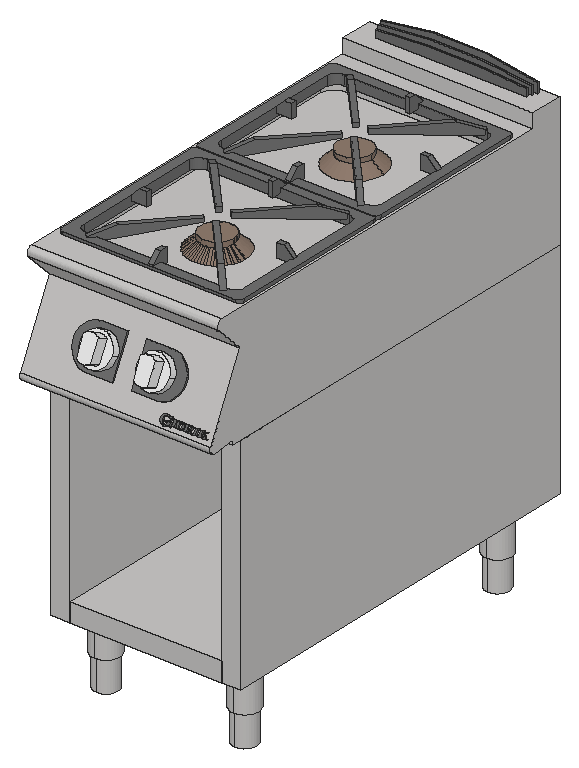
Revit family "QF_GIORIK_CG920G", category Specialty Equipment, Revit 2014
Parameters (values of type "CG920G")
  Weight in Pounds = 154.3234
  URL Cutsheet = "www.giorik.com"
  URL = "www.giorik.com"
  Status [instance] = ""
  Specification by User [instance] = ""
  Specification by Manufacturer = ""
  Show Logo [instance] = yes
  Show Clearance [instance] = yes
  Serial Number = ""
  Seismic Rating = ""
  SMACNA No = ""
  Revision Code [instance] = ""
  NAFEM Spec ID Number = ""
  Model = "CG920G"
  Mechanical Remarks [instance] = "GPL"
  Mechanical Connection Type [instance] = ""
  Masterspec = ""
  Manufacturer = "GIORIK"
  Item Number [instance] = ""
  Installed By [instance] = ""
  Identify Quantity as Lot [instance] = no
  Gas Size = 1"
  Gas RI Height [instance] = 0 mm
  Gas KW = 16
  Gas Input = 16000 W
  Gas Connection Height [instance] = 150 mm
  Furnished By [instance] = ""
  Foodservice Equipment Identifier [instance] = yes
  Description = "2 BURNER GAS RANGE ON OPEN BASE UNIT"
  CSI MasterFormat = ""
  Assembly Code = "E1090320"
Reference planes
  plane 1 "Back": y = 0
  plane 2: z = 0
  plane 3 "Left": x = 0
  plane 4 "Right": x = 400
  plane 5 "Front": y = -920
  plane 6 "Top": z = 899.988
Forms (mm)
  Extrusion 1, solid
    sketch origin (-94, 0, -10.001) x (1, 0, 0) y (0, 0, 1)
      loop
        line (135, 909.989) -> (453, 909.989) -> (453, 925.527) -> (347.056, 931.749) -> (240.944, 931.749) -> (135, 925.527) -> (135, 909.989)
    from 32 to 35
  Extrusion 2, solid
    sketch origin (-92, 10, -10.001) x (1, 0, 0) y (0, 0, 1)
      loop
        line (454, 909.989) -> (454, 928.527) -> (346.162, 939.193) -> (237.838, 939.193) -> (130, 928.527) -> (130, 909.989) -> (454, 909.989)
    from 32 to 35
  Extrusion 3, solid
    sketch origin (-90, 20, -10.001) x (1, 0, 0) y (0, 0, 1)
      loop
        line (455, 909.989) -> (455, 930.527) -> (345.396, 947.413) -> (234.604, 947.413) -> (125, 930.527) -> (125, 909.989) -> (455, 909.989)
    from 32 to 35
  Extrusion 4, void
    sketch origin (0, 0, 899.988) x (0, 1, 0) y (-1, 0, 0)
      loop
        arc (-110, -38) -> (-118.787, -16.787) -> (-140, -8) r 30
        line (-140, -8) -> (-800.004, -8)
        arc (-800.004, -8) -> (-821.217, -16.787) -> (-830.004, -38) r 30
        line (-830.004, -38) -> (-830.004, -362)
        arc (-830.004, -362) -> (-821.217, -383.213) -> (-800.004, -392) r 30
        line (-800.004, -392) -> (-140, -392)
        arc (-140, -392) -> (-118.787, -383.213) -> (-110, -362) r 30
        line (-110, -362) -> (-110, -38)
    from -30 to -70
  Extrusion 5, solid
    sketch origin (0, 802.832, -20) x (0, 1, 0) y (0, 0, 1)
      loop
        line (-802.832, 919.988) -> (-872.832, 919.988) -> (-872.832, 889.988) -> (-1691.501, 889.988)
        arc (-1691.501, 889.988) -> (-1701.846, 883.075) -> (-1699.419, 870.873) r 11.197
        line (-1699.419, 870.873) -> (-1643.571, 815.025) -> (-1721.643, 661.258)
        arc (-1721.643, 661.258) -> (-1720.928, 650.105) -> (-1710.813, 645.354) r 10.981
        line (-1710.813, 645.354) -> (-1662.695, 649.925) -> (-1662.695, 640) -> (-802.832, 640) -> (-802.832, 919.988)
    from 0 to 400
  Extrusion 6, solid
    sketch origin (-283.221, -1163.271, 52.383) x (1, 0, 0) y (0, 0.452718, 0.891654)
      loop
        line (463.221, 676.25) -> (463.221, 766.25) -> (409.698, 766.25)
        arc (409.698, 766.25) -> (364.698, 721.25) -> (409.698, 676.25) r 45
        line (409.698, 676.25) -> (463.221, 676.25)
    from 48 to 50
  Extrusion 7, solid
    sketch origin (683.221, -1163.271, 52.383) x (-1, 0, 0) y (0, -0.452718, -0.891654)
      loop
        line (463.221, -676.25) -> (409.698, -676.25)
        arc (409.698, -676.25) -> (364.698, -721.25) -> (409.698, -766.25) r 45
        line (409.698, -766.25) -> (463.221, -766.25) -> (463.221, -676.25)
    from 48 to 50
  Extrusion 8, solid
    sketch origin (-91.331, -1208.623, 74.979) x (1, 0, 0) y (0, 0.45351, 0.891251)
      loop
        circle (351.331, 721.346) r 35
    from 0 to 15
  Extrusion 9, solid
    sketch origin (-91.331, -1208.623, 74.979) x (1, 0, 0) y (0, 0.45351, 0.891251)
      loop
        line (336.331, 743.846) -> (336.331, 698.846)
        arc (336.331, 698.846) -> (351.331, 693.846) -> (366.331, 698.846) r 25
        line (366.331, 698.846) -> (366.331, 743.846)
        arc (366.331, 743.846) -> (351.331, 748.846) -> (336.331, 743.846) r 25
    from 15 to 40
  Extrusion 10, solid, visible <- "Show Logo"
    sketch origin (196.604, -936.148, 609.054) x (-1, 0, 0) y (0, 0.452718, 0.891654)
      loop
        line (-118.824, 58.358) -> (-127.804, 58.358) -> (-125.523, 56.445) -> (-125.523, 48.027) -> (-127.804, 46.113) -> (-118.824, 46.113) -> (-121.105, 48.027) -> (-121.105, 56.445) -> (-118.824, 58.358)
      loop
        line (-163.721, 58.358) -> (-172.7, 58.358) -> (-170.42, 56.445) -> (-170.42, 48.027) -> (-172.7, 46.113) -> (-163.721, 46.113) -> (-166.001, 48.027) -> (-166.001, 56.445) -> (-163.721, 58.358)
      loop
        line (-174.332, 58.358) -> (-183.312, 58.358) -> (-181.031, 56.445) -> (-181.031, 52.435) -> (-186.419, 56.955) -> (-184.416, 58.358) -> (-191.268, 58.358) -> (-188.01, 56.839) -> (-185.455, 54.283) -> (-190.846, 47.858) -> (-193.396, 46.93) -> (-193.396, 46.113) -> (-184.416, 46.113) -> (-185.437, 47.571) -> (-182.443, 51.552) -> (-181.031, 50.894) -> (-181.031, 48.027) -> (-183.312, 46.113) -> (-174.332, 46.113) -> (-176.613, 48.027) -> (-176.613, 56.445) -> (-174.332, 58.358)
      loop
        line (-115.429, 62.063) -> (-115.429, 54.198)
        arc (-115.429, 54.198) -> (-111.618, 57.803) -> (-106.847, 59.986) r 16.039
        arc (-106.847, 59.986) -> (-103.314, 59.837) -> (-100.512, 57.68) r 5.851
        arc (-100.512, 57.68) -> (-98.815, 52.267) -> (-100.512, 46.853) r 9.479
        arc (-100.512, 46.853) -> (-102.406, 44.986) -> (-104.846, 43.93) r 7.236
        arc (-104.846, 43.93) -> (-107.728, 44.111) -> (-110.052, 45.825) r 5.11
        line (-110.052, 45.825) -> (-110.052, 52.001) -> (-116.141, 52.001) -> (-116.141, 45.503) -> (-117.893, 43.751) -> (-114.094, 44.769)
        arc (-114.094, 44.769) -> (-112.56, 44.947) -> (-111.129, 44.366) r 3.115
        arc (-111.129, 44.366) -> (-104.216, 42.091) -> (-97.303, 44.366) r 11.641
        arc (-97.303, 44.366) -> (-93.396, 52.107) -> (-97.303, 59.849) r 9.622
        arc (-97.303, 59.849) -> (-104.369, 62.174) -> (-111.435, 59.849) r 11.898
        line (-111.435, 59.849) -> (-115.429, 62.063)
      loop
        arc (-129.234, 56.068) -> (-135.893, 58.628) -> (-142.552, 56.068) r 9.941
        arc (-142.552, 56.068) -> (-144.234, 52.286) -> (-142.552, 48.505) r 5.093
        arc (-142.552, 48.505) -> (-135.893, 45.945) -> (-129.234, 48.505) r 9.941
        arc (-129.234, 48.505) -> (-127.552, 52.286) -> (-129.234, 56.068) r 5.093
      loop
        arc (-132.628, 54.403) -> (-135.893, 57.668) -> (-139.158, 54.403) r 3.265
        line (-139.158, 54.403) -> (-139.158, 50.169)
        arc (-139.158, 50.169) -> (-135.893, 46.904) -> (-132.628, 50.169) r 3.265
        line (-132.628, 50.169) -> (-132.628, 54.403)
      loop
        arc (-156.363, 58.365) -> (-159.647, 55.081) -> (-156.363, 51.796) r 3.285
        line (-156.363, 51.796) -> (-159.529, 47.306) -> (-162.087, 46.113) -> (-155.847, 46.113) -> (-153.529, 51.083) -> (-150.637, 51.083) -> (-150.637, 47.784) -> (-153.022, 46.113) -> (-144.011, 46.113) -> (-146.094, 47.68) -> (-146.094, 56.493) -> (-144.229, 58.365) -> (-156.363, 58.365)
      loop
        line (-150.637, 57.512) -> (-153.637, 57.512)
        arc (-153.637, 57.512) -> (-156.237, 54.912) -> (-153.637, 52.312) r 2.6
        line (-153.637, 52.312) -> (-150.637, 52.312) -> (-150.637, 57.512)
      loop
        line (-108.924, 52.001) -> (-104.936, 49.005) -> (-100.948, 52.001) -> (-108.924, 52.001)
    from 1.5 to -0.5
  Extrusion 11, solid
    sketch origin (491.331, -1208.623, 74.979) x (-1, 0, 0) y (0, -0.45351, -0.891251)
      loop
        circle (351.331, -721.346) r 35
    from 0 to 15
  Extrusion 12, solid
    sketch origin (491.331, -1208.623, 74.979) x (-1, 0, 0) y (0, -0.45351, -0.891251)
      loop
        arc (336.331, -743.846) -> (351.331, -748.846) -> (366.331, -743.846) r 25
        line (366.331, -743.846) -> (366.331, -698.846)
        arc (366.331, -698.846) -> (351.331, -693.846) -> (336.331, -698.846) r 25
        line (336.331, -698.846) -> (336.331, -743.846)
    from 15 to 40
  Extrusion 13, solid
    sketch origin (0, -374.552, -30) x (1, 0, 0) y (0, 1, 0)
      loop
        circle (200.046, -276.449) r 35
    from 889.988 to 879.988
  Blend 14, solid
    base sketch origin (0, -374.552, 899.988) x (0, 1, 0) y (-1, 0, 0)
      loop
        circle (-276.449, -200.046) r 60
    top sketch origin (0, -374.552, 899.988) x (0, 1, 0) y (-1, 0, 0)
      loop
        circle (-276.449, -200.046) r 35
    from -70 to -50
  Extrusion 15, solid
    sketch origin (159.325, -430.013, -71.012) x (0, -1, 0) y (0, 0, -1)
      loop
        line (35.989, -935.989) -> (65, -965) -> (79.749, -965) -> (79.749, -935.989) -> (35.989, -935.989)
    from 35.72 to 45.72
  Extrusion 16, solid
    sketch origin (0, -374.552, -30) x (1, 0, 0) y (0, 1, 0)
      loop
        circle (200.046, -276.449) r 35
    from 889.988 to 879.988
  Blend 17, solid
    base sketch origin (0, -374.552, 899.988) x (0, 1, 0) y (-1, 0, 0)
      loop
        circle (-276.449, -200.046) r 60
    top sketch origin (0, -374.552, 899.988) x (0, 1, 0) y (-1, 0, 0)
      loop
        circle (-276.449, -200.046) r 35
    from -70 to -50
  Extrusion 18, solid
    sketch origin (-15.829, -700.72, -71.012) x (1, 0, 0) y (0, 0, -1)
      loop
        line (35.989, -935.989) -> (65, -965) -> (79.749, -965) -> (79.749, -935.989) -> (35.989, -935.989)
    from 35.72 to 45.72
  Extrusion 19, solid
    sketch origin (415.921, -700.72, -71.012) x (-1, 0, 0) y (0, 0, 1)
      loop
        line (35.989, 935.989) -> (79.749, 935.989) -> (79.749, 965) -> (65, 965) -> (35.989, 935.989)
    from 35.72 to 45.72
  Extrusion 20, solid
    sketch origin (0.046, -425, 22.988) x (1, 0, 0) y (0, 1, 0)
      loop
        line (8, -55.002) -> (8, -395.004)
        arc (8, -395.004) -> (10.929, -402.075) -> (18, -405.004) r 10
        line (18, -405.004) -> (382, -405.004)
        arc (382, -405.004) -> (389.071, -402.075) -> (392, -395.004) r 10
        line (392, -395.004) -> (392, -55.002)
        arc (392, -55.002) -> (389.071, -47.931) -> (382, -45.002) r 10
        line (382, -45.002) -> (18, -45.002)
        arc (18, -45.002) -> (10.929, -47.931) -> (8, -55.002) r 10
      loop
        arc (49.954, -67.002) -> (35.812, -72.86) -> (29.954, -87.002) r 20
        line (29.954, -87.002) -> (29.954, -365.004)
        arc (29.954, -365.004) -> (35.812, -379.146) -> (49.954, -385.004) r 20
        line (49.954, -385.004) -> (349.954, -385.004)
        arc (349.954, -385.004) -> (364.097, -379.146) -> (369.954, -365.004) r 20
        line (369.954, -365.004) -> (369.954, -87.002)
        arc (369.954, -87.002) -> (364.097, -72.86) -> (349.954, -67.002) r 20
        line (349.954, -67.002) -> (49.954, -67.002)
    from 831.989 to 851.989
  Extrusion 21, solid
    sketch origin (347.736, -429.835, -2.821) x (-0.670885, -0.741561, 0) y (0, 0, -1)
      loop
        line (239.679, -896.808) -> (239.679, -888.14) -> (57.778, -867.797) -> (36.748, -867.797) -> (36.748, -875.452) -> (95.425, -896.808) -> (239.679, -896.808)
    from 30.148 to 40.148
  Extrusion 22, solid
    sketch origin (52.421, -429.9, -2.821) x (0.670878, -0.741568, 0) y (0, 0, 1)
      loop
        line (239.588, 896.808) -> (95.425, 896.808) -> (36.748, 875.452) -> (36.748, 867.797) -> (57.778, 867.797) -> (239.588, 888.13) -> (239.588, 896.808)
    from 30.148 to 40.148
  Extrusion 23, solid
    sketch origin (347.735, -872.167, -2.821) x (-0.670878, 0.741568, 0) y (0, 0, 1)
      loop
        line (239.679, 896.808) -> (95.425, 896.808) -> (36.748, 875.452) -> (36.748, 867.797) -> (57.778, 867.797) -> (239.679, 888.14) -> (239.679, 896.808)
    from 30.148 to 40.148
  Extrusion 24, solid
    sketch origin (52.356, -872.167, -2.821) x (0.670885, 0.741561, 0) y (0, 0, -1)
      loop
        line (239.679, -896.808) -> (239.679, -888.14) -> (57.778, -867.797) -> (36.748, -867.797) -> (36.748, -875.452) -> (95.425, -896.808) -> (239.679, -896.808)
    from 30.148 to 40.148
  Extrusion 25, solid
    sketch origin (240.72, -869.993, -71.012) x (0, 1, 0) y (0, 0, -1)
      loop
        line (35.989, -935.989) -> (65, -965) -> (79.749, -965) -> (79.749, -935.989) -> (35.989, -935.989)
    from 35.72 to 45.72
  Extrusion 26, solid
    sketch origin (159.325, -509.991, -71.012) x (0, 1, 0) y (0, 0, 1)
      loop
        line (35.989, 935.989) -> (79.749, 935.989) -> (79.749, 965) -> (65, 965) -> (35.989, 935.989)
    from 35.72 to 45.72
  Extrusion 27, solid
    sketch origin (-15.829, -239.283, -71.012) x (1, 0, 0) y (0, 0, 1)
      loop
        line (35.989, 935.989) -> (79.749, 935.989) -> (79.749, 965) -> (65, 965) -> (35.989, 935.989)
    from 35.72 to 45.72
  Extrusion 28, solid
    sketch origin (415.921, -239.283, -71.012) x (-1, 0, 0) y (0, 0, -1)
      loop
        line (35.989, -935.989) -> (65, -965) -> (79.749, -965) -> (79.749, -935.989) -> (35.989, -935.989)
    from 35.72 to 45.72
  Extrusion 29, solid
    sketch origin (0.046, -515.004, 22.988) x (1, 0, 0) y (0, 1, 0)
      loop
        arc (8, 55.002) -> (10.929, 47.931) -> (18, 45.002) r 10
        line (18, 45.002) -> (382, 45.002)
        arc (382, 45.002) -> (389.071, 47.931) -> (392, 55.002) r 10
        line (392, 55.002) -> (392, 395.004)
        arc (392, 395.004) -> (389.071, 402.075) -> (382, 405.004) r 10
        line (382, 405.004) -> (18, 405.004)
        arc (18, 405.004) -> (10.929, 402.075) -> (8, 395.004) r 10
        line (8, 395.004) -> (8, 55.002)
      loop
        line (49.954, 67.002) -> (349.954, 67.002)
        arc (349.954, 67.002) -> (364.097, 72.86) -> (369.954, 87.002) r 20
        line (369.954, 87.002) -> (369.954, 365.004)
        arc (369.954, 365.004) -> (364.097, 379.146) -> (349.954, 385.004) r 20
        line (349.954, 385.004) -> (49.954, 385.004)
        arc (49.954, 385.004) -> (35.812, 379.146) -> (29.954, 365.004) r 20
        line (29.954, 365.004) -> (29.954, 87.002)
        arc (29.954, 87.002) -> (35.812, 72.86) -> (49.954, 67.002) r 20
    from 831.989 to 851.989
  Extrusion 30, solid
    sketch origin (347.736, -510.169, -2.821) x (-0.670885, 0.741561, 0) y (0, 0, 1)
      loop
        line (239.679, 896.808) -> (95.425, 896.808) -> (36.748, 875.452) -> (36.748, 867.797) -> (57.778, 867.797) -> (239.679, 888.14) -> (239.679, 896.808)
    from 30.148 to 40.148
  Extrusion 31, solid
    sketch origin (52.421, -510.104, -2.821) x (0.670878, 0.741568, 0) y (0, 0, -1)
      loop
        line (239.588, -896.808) -> (239.588, -888.13) -> (57.778, -867.797) -> (36.748, -867.797) -> (36.748, -875.452) -> (95.425, -896.808) -> (239.588, -896.808)
    from 30.148 to 40.148
  Extrusion 32, solid
    sketch origin (347.735, -67.837, -2.821) x (-0.670878, -0.741568, 0) y (0, 0, -1)
      loop
        line (239.679, -896.808) -> (239.679, -888.14) -> (57.778, -867.797) -> (36.748, -867.797) -> (36.748, -875.452) -> (95.425, -896.808) -> (239.679, -896.808)
    from 30.148 to 40.148
  Extrusion 33, solid
    sketch origin (52.356, -67.837, -2.821) x (0.670885, -0.741561, 0) y (0, 0, 1)
      loop
        line (239.679, 896.808) -> (95.425, 896.808) -> (36.748, 875.452) -> (36.748, 867.797) -> (57.778, 867.797) -> (239.679, 888.14) -> (239.679, 896.808)
    from 30.148 to 40.148
  Extrusion 34, solid
    sketch origin (240.72, -70.011, -71.012) x (0, -1, 0) y (0, 0, 1)
      loop
        line (35.989, 935.989) -> (79.749, 935.989) -> (79.749, 965) -> (65, 965) -> (35.989, 935.989)
    from 35.72 to 45.72
  Blend 35, solid
    base sketch origin (0, -12.554, 899.988) x (0, 1, 0) y (-1, 0, 0)
      loop
        circle (-276.449, -200.046) r 60
    top sketch origin (0, -12.554, 899.988) x (0, 1, 0) y (-1, 0, 0)
      loop
        circle (-276.449, -200.046) r 35
    from -70 to -50
  Extrusion 36, solid
    sketch origin (0, -12.554, -30) x (1, 0, 0) y (0, 1, 0)
      loop
        circle (200.046, -276.449) r 35
    from 889.988 to 879.988
  Extrusion 37, solid
    sketch origin (-16, 360.81, 0) x (1, 0, 0) y (0, 1, 0)
      loop
        line (25, -1086.81) -> (25, -1156.81) -> (115, -1156.81) -> (115, -1086.81) -> (25, -1086.81)
    from 148 to 150
  Revolve 38, solid
    sketch origin (54, 360.81, 0) x (0, 1, 0) y (0, 0, 1)
      loop
        line (-1092.56, 66) -> (-1092.56, 148) -> (-1121.81, 148) -> (-1121.81, 0) -> (-1096.81, 0) -> (-1096.81, 66) -> (-1092.56, 66)
      axis (-1121.81, 0) -> (-1121.81, 148)
    angle from 0 to 360
  Extrusion 39, solid
    sketch origin (276, 360.81, 0) x (1, 0, 0) y (0, 1, 0)
      loop
        line (25, -1086.81) -> (25, -1156.81) -> (115, -1156.81) -> (115, -1086.81) -> (25, -1086.81)
    from 148 to 150
  Revolve 40, solid
    sketch origin (346, 360.81, 0) x (0, 1, 0) y (0, 0, 1)
      loop
        line (-1092.56, 66) -> (-1092.56, 148) -> (-1121.81, 148) -> (-1121.81, 0) -> (-1096.81, 0) -> (-1096.81, 66) -> (-1092.56, 66)
      axis (-1121.81, 0) -> (-1121.81, 148)
    angle from 0 to 360
  Extrusion 41, solid
    sketch origin (-16, 1025.81, 0) x (1, 0, 0) y (0, 1, 0)
      loop
        line (25, -1086.81) -> (25, -1156.81) -> (115, -1156.81) -> (115, -1086.81) -> (25, -1086.81)
    from 148 to 150
  Revolve 42, solid
    sketch origin (54, 1025.81, 0) x (0, 1, 0) y (0, 0, 1)
      loop
        line (-1092.56, 66) -> (-1092.56, 148) -> (-1121.81, 148) -> (-1121.81, 0) -> (-1096.81, 0) -> (-1096.81, 66) -> (-1092.56, 66)
      axis (-1121.81, 0) -> (-1121.81, 148)
    angle from 0 to 360
  Extrusion 43, solid
    sketch origin (276, 1025.81, 0) x (1, 0, 0) y (0, 1, 0)
      loop
        line (25, -1086.81) -> (25, -1156.81) -> (115, -1156.81) -> (115, -1086.81) -> (25, -1086.81)
    from 148 to 150
  Revolve 44, solid
    sketch origin (346, 1025.81, 0) x (0, 1, 0) y (0, 0, 1)
      loop
        line (-1092.56, 66) -> (-1092.56, 148) -> (-1121.81, 148) -> (-1121.81, 0) -> (-1096.81, 0) -> (-1096.81, 66) -> (-1092.56, 66)
      axis (-1121.81, 0) -> (-1121.81, 148)
    angle from 0 to 360
  Extrusion 45, solid
    sketch origin (0, 0, 599.536) x (1, 0, 0) y (0, 1, 0)
      loop
        line (0, -840) -> (40, -840) -> (40, -40) -> (360, -40) -> (360, -840) -> (400, -840) -> (400, 0) -> (0, 0) -> (0, -840)
    from -449.536 to 20.464
  Extrusion 46, solid
    sketch origin (0, 0, 0) x (1, 0, 0) y (0, 1, 0)
      loop
        line (40, -40) -> (40, -840) -> (360, -840) -> (360, -40) -> (40, -40)
    from 150 to 190
  Extrusion 47, solid
    sketch origin (-4, -0.022, 130) x (1, 0, 0) y (0, 1, 0)
      loop
        circle (54, -385) r 12.5
    from 0 to 20
Cuts and joins
  Extrusion 4 cuts Extrusion 5
Lines and regions (mm)
  symbolic lines, style "200-EquipBorder-2D"
    curve 1: line (0, 0, 899.988) -> (400, 0, 899.988)
    curve 2: line (400, 0, 899.988) -> (400, -920, 899.988)
    curve 3: line (400, -920, 899.988) -> (0, -920, 899.988)
    curve 4: line (0, -920, 899.988) -> (0, 0, 899.988)
    curve 113: line (125, -927.339, 899.988) -> (125, -920, 899.988)
    curve 114: line (155, -927.339, 899.988) -> (155, -920, 899.988)
    curve 115: line (245, -927.339, 899.988) -> (245, -920, 899.988)
    curve 116: line (275, -927.339, 899.988) -> (275, -920, 899.988)
    curve 117: arc (245, -927.339, 899.988) -> (260, -929.63, 899.988) -> (275, -927.339, 899.988) r 50.262
    curve 118: arc (155, -927.339, 899.988) -> (140, -929.648, 899.988) -> (125, -927.339, 899.988) r 49.881
  symbolic lines, style "200-EquipInternal-2D"
    curve 5: line (35, -15, 899.988) -> (365, -15, 899.988)
    curve 6: line (365, -12, 899.988) -> (35, -12, 899.988)
    curve 7: line (38, -25, 899.988) -> (362, -25, 899.988)
    curve 8: line (362, -22, 899.988) -> (38, -22, 899.988)
    curve 9: line (41, -35, 899.988) -> (359, -35, 899.988)
    curve 10: line (359, -32, 899.988) -> (41, -32, 899.988)
    curve 11: line (365, -15, 899.988) -> (365, -12, 899.988)
    curve 12: line (362, -25, 899.988) -> (362, -22, 899.988)
    curve 13: line (359, -35, 899.988) -> (359, -32, 899.988)
    curve 14: line (41, -32, 899.988) -> (41, -35, 899.988)
    curve 15: line (38, -22, 899.988) -> (38, -25, 899.988)
    curve 16: line (35, -12, 899.988) -> (35, -15, 899.988)
    curve 17: line (67.949, -448.002, 899.988) -> (190.798, -312.208, 899.988)
    curve 18: line (183.382, -305.499, 899.988) -> (54.464, -448.002, 899.988)
    curve 19: line (190.798, -312.208, 899.988) -> (183.382, -305.499, 899.988)
    curve 20: line (183.381, -272.508, 899.988) -> (190.796, -265.799, 899.988)
    curve 21: line (54.455, -130, 899.988) -> (183.381, -272.508, 899.988)
    curve 22: line (190.796, -265.799, 899.988) -> (67.94, -130, 899.988)
    curve 23: line (332.152, -130, 899.988) -> (209.296, -265.801, 899.988)
    curve 24: line (209.296, -265.801, 899.988) -> (216.712, -272.51, 899.988)
    curve 25: line (216.712, -272.51, 899.988) -> (345.637, -130, 899.988)
    curve 26: line (216.711, -305.497, 899.988) -> (209.295, -312.206, 899.988)
    curve 27: line (209.295, -312.206, 899.988) -> (332.148, -448.002, 899.988)
    curve 28: line (345.633, -448.002, 899.988) -> (216.711, -305.497, 899.988)
    curve 29: line (336.172, -275.004, 899.988) -> (336.172, -285.004, 899.988)
    curve 30: line (336.172, -285.004, 899.988) -> (370, -285.004, 899.988)
    curve 31: line (370, -275.004, 899.988) -> (336.172, -275.004, 899.988)
    curve 32: line (195, -149.76, 899.988) -> (205, -149.76, 899.988)
    curve 33: line (205, -149.76, 899.988) -> (205, -130, 899.988)
    curve 34: line (195, -130, 899.988) -> (195, -149.76, 899.988)
    curve 35: line (63.919, -275.004, 899.988) -> (30, -275.004, 899.988)
    curve 36: line (30, -285.004, 899.988) -> (63.919, -285.004, 899.988)
    curve 37: line (63.919, -285.004, 899.988) -> (63.919, -275.004, 899.988)
    curve 38: line (392.046, -460.002, 899.988) -> (392.046, -120, 899.988)
    curve 39: arc (392.046, -120, 899.988) -> (389.117, -112.929, 899.988) -> (382.046, -110, 899.988) r 10
    curve 40: line (382.046, -110, 899.988) -> (18.046, -110, 899.988)
    curve 41: line (50, -130, 899.988) -> (350, -130, 899.988)
    curve 42: arc (350, -130, 899.988) -> (364.142, -135.858, 899.988) -> (370, -150, 899.988) r 20
    curve 43: line (370, -150, 899.988) -> (370, -428.002, 899.988)
    curve 44: line (8.046, -120, 899.988) -> (8.046, -460.002, 899.988)
    curve 45: arc (18.046, -110, 899.988) -> (10.975, -112.929, 899.988) -> (8.046, -120, 899.988) r 10
    curve 46: line (30, -428.002, 899.988) -> (30, -150, 899.988)
    curve 47: arc (30, -150, 899.988) -> (35.858, -135.858, 899.988) -> (50, -130, 899.988) r 20
    curve 48: arc (8.046, -460.002, 899.988) -> (10.975, -467.073, 899.988) -> (18.046, -470.002, 899.988) r 10
    curve 49: line (18.046, -470.002, 899.988) -> (382.046, -470.002, 899.988)
    curve 50: line (350, -448.002, 899.988) -> (50, -448.002, 899.988)
    curve 51: arc (50, -448.002, 899.988) -> (35.858, -442.144, 899.988) -> (30, -428.002, 899.988) r 20
    curve 52: arc (370, -428.002, 899.988) -> (364.142, -442.144, 899.988) -> (350, -448.002, 899.988) r 20
    curve 53: arc (382.046, -470.002, 899.988) -> (389.117, -467.073, 899.988) -> (392.046, -460.002, 899.988) r 10
    curve 54: arc (392.046, -480.002, 899.988) -> (389.117, -472.931, 899.988) -> (382.046, -470.002, 899.988) r 10
    curve 55: line (392.046, -820.004, 899.988) -> (392.046, -480.002, 899.988)
    curve 56: arc (350, -492.002, 899.988) -> (364.142, -497.86, 899.988) -> (370, -512.002, 899.988) r 20
    curve 57: line (50, -492.002, 899.988) -> (350, -492.002, 899.988)
    curve 58: line (370, -512.002, 899.988) -> (370, -790.004, 899.988)
    curve 59: arc (370, -790.004, 899.988) -> (364.142, -804.146, 899.988) -> (350, -810.004, 899.988) r 20
    curve 60: line (350, -810.004, 899.988) -> (50, -810.004, 899.988)
    curve 61: line (18.046, -830.004, 899.988) -> (382.046, -830.004, 899.988)
    curve 62: arc (382.046, -830.004, 899.988) -> (389.117, -827.075, 899.988) -> (392.046, -820.004, 899.988) r 10
    curve 63: arc (18.046, -470.002, 899.988) -> (10.975, -472.931, 899.988) -> (8.046, -480.002, 899.988) r 10
    curve 64: line (8.046, -480.002, 899.988) -> (8.046, -820.004, 899.988)
    curve 65: arc (30, -512.002, 899.988) -> (35.858, -497.86, 899.988) -> (50, -492.002, 899.988) r 20
    curve 66: line (30, -790.004, 899.988) -> (30, -512.002, 899.988)
    curve 67: arc (50, -810.004, 899.988) -> (35.858, -804.146, 899.988) -> (30, -790.004, 899.988) r 20
    curve 68: arc (8.046, -820.004, 899.988) -> (10.975, -827.075, 899.988) -> (18.046, -830.004, 899.988) r 10
    curve 69: line (195, -790.244, 899.988) -> (195, -810.004, 899.988)
    curve 70: line (205, -810.004, 899.988) -> (205, -790.244, 899.988)
    curve 71: line (205, -790.244, 899.988) -> (195, -790.244, 899.988)
    curve 72: line (183.381, -667.495, 899.988) -> (54.455, -810.004, 899.988)
    curve 73: line (67.94, -810.004, 899.988) -> (190.796, -674.204, 899.988)
    curve 74: line (190.796, -674.204, 899.988) -> (183.381, -667.495, 899.988)
    curve 75: line (30, -665, 899.988) -> (63.919, -665, 899.988)
    curve 76: line (63.919, -655, 899.988) -> (30, -655, 899.988)
    curve 77: line (63.919, -665, 899.988) -> (63.919, -655, 899.988)
    curve 78: line (190.798, -627.796, 899.988) -> (67.949, -492.002, 899.988)
    curve 79: line (54.464, -492.002, 899.988) -> (183.382, -634.505, 899.988)
    curve 80: line (183.382, -634.505, 899.988) -> (190.798, -627.796, 899.988)
    curve 81: line (209.295, -627.798, 899.988) -> (216.711, -634.506, 899.988)
    curve 82: line (216.711, -634.506, 899.988) -> (345.633, -492.002, 899.988)
    curve 83: line (332.148, -492.002, 899.988) -> (209.295, -627.798, 899.988)
    curve 84: line (216.712, -667.494, 899.988) -> (209.296, -674.203, 899.988)
    curve 85: line (209.296, -674.203, 899.988) -> (332.152, -810.004, 899.988)
    curve 86: line (345.637, -810.004, 899.988) -> (216.712, -667.494, 899.988)
    curve 87: arc (183.76, -258.022, 899.988) -> (200.047, -254.003, 899.988) -> (216.333, -258.022, 899.988) r 35.01
    curve 88: line (0, -70, 899.988) -> (400, -70, 899.988)
    curve 89: line (195.046, -448.002, 899.988) -> (195.046, -430.242, 899.988)
    curve 90: line (195.046, -430.242, 899.988) -> (205.046, -430.242, 899.988)
    curve 91: line (205.046, -430.242, 899.988) -> (205.046, -448.002, 899.988)
    curve 92: line (370, -655, 899.988) -> (336.172, -655, 899.988)
    curve 93: line (336.172, -655, 899.988) -> (336.172, -665, 899.988)
    curve 94: line (336.172, -665, 899.988) -> (370, -665, 899.988)
    curve 95: line (205.046, -492.002, 899.988) -> (205.046, -509.761, 899.988)
    curve 96: line (205.046, -509.761, 899.988) -> (195.046, -509.761, 899.988)
    curve 97: line (195.046, -509.761, 899.988) -> (195.046, -492.002, 899.988)
    curve 98: arc (166.676, -239.138, 899.988) -> (200.046, -228.97, 899.988) -> (233.415, -239.138, 899.988) r 59.842
    curve 99: arc (175.622, -263.933, 899.988) -> (165.046, -289.003, 899.988) -> (175.622, -314.073, 899.988) r 35
    curve 100: arc (158.846, -332.621, 899.988) -> (140.046, -289.005, 899.988) -> (158.846, -245.389, 899.988) r 59.995
    curve 101: arc (183.763, -319.984, 899.988) -> (200.047, -324.003, 899.988) -> (216.332, -319.984, 899.988) r 35.007
    curve 102: arc (166.678, -338.869, 899.988) -> (200.046, -349.044, 899.988) -> (233.413, -338.869, 899.988) r 59.799
    curve 103: arc (241.248, -332.619, 899.988) -> (260.046, -289.004, 899.988) -> (241.248, -245.389, 899.988) r 59.997
    curve 104: arc (224.47, -314.074, 899.988) -> (235.046, -289.004, 899.988) -> (224.47, -263.934, 899.988) r 35.001
    curve 105: arc (183.763, -620.019, 899.988) -> (200.046, -616.001, 899.988) -> (216.328, -620.019, 899.988) r 35
    curve 106: arc (166.678, -601.135, 899.988) -> (200.048, -591.001, 899.988) -> (233.417, -601.135, 899.988) r 60.006
    curve 107: arc (241.248, -607.384, 899.988) -> (260.046, -651, 899.988) -> (241.248, -694.615, 899.988) r 59.997
    curve 108: arc (233.417, -700.864, 899.988) -> (200.046, -711.008, 899.988) -> (166.675, -700.864, 899.988) r 59.967
    curve 109: arc (158.844, -694.617, 899.988) -> (140.046, -651.001, 899.988) -> (158.844, -607.384, 899.988) r 60
    curve 110: arc (175.624, -625.929, 899.988) -> (165.046, -651.001, 899.988) -> (175.624, -676.073, 899.988) r 35
    curve 111: arc (183.76, -681.981, 899.988) -> (200.047, -686.001, 899.988) -> (216.333, -681.981, 899.988) r 35.005
    curve 112: arc (224.47, -676.07, 899.988) -> (235.046, -651.001, 899.988) -> (224.47, -625.932, 899.988) r 35
Dimensions and locks
  plane 3 "Left" to plane 4 "Right" = 400 mm
  plane 5 "Front" to plane 1 "Back" = 920 mm
  plane 6 "Top" to level = 899.988 mm
  aligned and locked: level to plane 2
Connectors
  piping at (50, -385.022, 130), diameter 25.4, driven by "Gas Size"
    settings: on Extrusion 47, index 2, connector inside diameter 24", connector length 0 mm, flow factor 0, pipe flow 0.0 L/s, pressure drop 0.0 Pa, fitting loss kfactor 0, connector angle 0.00°, fixture units 0, engagement length 0 mm, angle of deflection 0.00°, flow configuration 1, flow direction 1, fitting loss method 0, system type 22, joint type 0, gender type 0, connector reference index -1, connector utility 0, adjustable connector no, is connector primary yes, connector description ""
